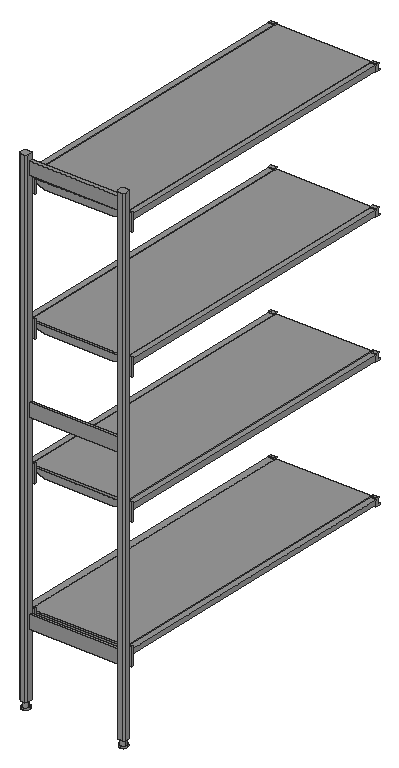
Revit family "QF_ZANUSSI_137054_ACS1094", category Attrezzature speciali, Revit 2020
Family settings
  Quota connettore circolare = Usa diametro
  Tipo di parte = Normale
  Basato su piano di lavoro = No
  Sempre verticale = Sì
  Taglio con vuoti quando caricato = No
  Condiviso = No
  Punto di calcolo locali = No
Parameters (values of type "Standard")
  Weight = 17.00 kg
  Watts = 0 W
  Volts = 0 V
  URL Manufacturer = "http://www.zanussiprofessional.com"
  URL = "http://www.zanussiprofessional.com"
  Steam Supply Size = 0 mm
  Steam Supply Minimum Pressure = 0.0 Pa
  Steam Supply Maximum Pressure = 0.0 Pa
  Steam Consumption per Hour = 0
  Refrigeration Suction Line Size = 0.0 mm
  Refrigeration Liquid Line Size = 0.0 mm
  Refrigerant Compressor Remote = yes
  Prospetto di default = 0.0 mm
  Phase = 0
  Modello = "ACS1094"
  Produttore = "Zanussi"
  Length Actual = 1098.0 mm  # constant formula
  Item Number = "137054"
  Hot Water Size = 0 mm
  Height Actual = 1700.0 mm  # constant formula
  HP = "0 HP"
  Gas Size = 0 mm
  Gas KW = 0
  Gas Input Pressure = 0 W
  Direct Waste Size = 0 mm
  Descrizione = "ALUM.CORNER SHELV.-POLY.TIERS-373X1098MM"
  Depth Actual = 373.0 mm  # constant formula
  Cycle = 0 Hz
  Condensate Return Size = 0 mm
  Compressed Air Volume = 0.0 L/s
  Compressed Air Size = 0 mm
  Compressed Air Pressure = 0.0 Pa
  Cold Water Size = 0 mm
  Accessory = yes
Reference planes
  plane 1: z = 0
  plane 2 "Center (F/B)": y = -163.5
  plane 3 "Front": y = -549.5
  plane 4 "Left": x = -217.5
  plane 5 "Right": x = 155.5
  plane 6 "TOP": z = 1700
  plane 7: y = -517.5
  plane 8: y = 544.5
  plane 9 "Center (Left/Right)": x = -31
  plane 10: y = 539.5
  plane 11: x = -186
  plane 12: x = 124
  plane 13 "FEET": z = 25
  plane 14: z = 275
  plane 15: z = 725
  plane 16: z = 1175
  plane 17: z = 1625
  plane 18 "CXLeft": y = -535.5
  plane 19: x = -200
  plane 20 "CYBack": x = -200
  plane 21 "CYFront": x = 138
  plane 22 "Back": y = 548.5
  plane 23 "LEFT_ORIGIN": x = -251.5
  plane 24 "BACK_Origin": y = 921.5
Forms (mm)
  Extrusion 1, solid, material "QF_Aluminum"
    sketch origin (0, -549.5, 0) x (-1, 0, 0) y (0, 0, 1)
      loop
        line (198.5, 1650.994) -> (198.5, 1632.998) -> (217.5, 1632.998) -> (217.5, 1650.994) -> (198.5, 1650.994)
      loop
        line (-136.5, 1650.994) -> (-155.5, 1650.994) -> (-155.5, 1632.998) -> (-136.5, 1632.998) -> (-136.5, 1650.994)
      loop
        line (198.5, 1200.994) -> (198.5, 1182.998) -> (217.5, 1182.998) -> (217.5, 1200.994) -> (198.5, 1200.994)
      loop
        line (-136.5, 1200.994) -> (-155.5, 1200.994) -> (-155.5, 1182.998) -> (-136.5, 1182.998) -> (-136.5, 1200.994)
      loop
        line (198.5, 750.994) -> (198.5, 732.998) -> (217.5, 732.998) -> (217.5, 750.994) -> (198.5, 750.994)
      loop
        line (-136.5, 750.994) -> (-155.5, 750.994) -> (-155.5, 732.998) -> (-136.5, 732.998) -> (-136.5, 750.994)
      loop
        line (198.5, 300.994) -> (198.5, 282.998) -> (217.5, 282.998) -> (217.5, 300.994) -> (198.5, 300.994)
      loop
        line (-136.5, 300.994) -> (-155.5, 300.994) -> (-155.5, 282.998) -> (-136.5, 282.998) -> (-136.5, 300.994)
    from 32 to 1094
  Extrusion 2, solid, material "QF_Polyethylene"
    sketch origin (0, -549.5, 0) x (-1, 0, 0) y (0, 0, 1)
      loop
        line (196.507, 1650.994) -> (-134.5, 1650.994) -> (-134.5, 1644.496) -> (196.507, 1644.496) -> (196.507, 1650.994)
      loop
        line (196.507, 1200.994) -> (-134.5, 1200.994) -> (-134.5, 1194.496) -> (196.507, 1194.496) -> (196.507, 1200.994)
      loop
        line (196.507, 750.994) -> (-134.5, 750.994) -> (-134.5, 744.496) -> (196.507, 744.496) -> (196.507, 750.994)
      loop
        line (196.507, 300.994) -> (-134.5, 300.994) -> (-134.5, 294.496) -> (196.507, 294.496) -> (196.507, 300.994)
    from 32 to 1094
Lines and regions (mm)
  symbolic lines
    curve 1: line (-198.5, 544.5, 1700) -> (-198.5, -517.5, 1700)
    curve 2: line (-217.5, -521.5, 1700) -> (-217.5, 544.5, 1700)
    curve 3: line (155.5, -521.5, 1700) -> (155.5, 544.5, 1700)
    curve 4: line (-181.507, -517.5, 1700) -> (119.507, -517.5, 1700)
    curve 5: line (136.5, -517.5, 1700) -> (136.5, 544.5, 1700)
    curve 6: line (-198.5, 544.5, 1700) -> (136.5, 544.5, 1700)
Dimensions and locks
  plane 3 "Front" to plane 2 "Center (F/B)" = 386.0 mm
  locked: plane 6 "TOP" to level at 1700
  locked: plane 4 "Left" to plane 5 "Right" at 373
  locked: plane 7 to plane 8 at 1062
  locked: plane 3 "Front" to plane 7 at 32
  plane 10 to plane 8 = 5.0 mm
  locked: plane 11 to plane 12 at 310
  equal spacing: plane 11, plane 9 "Center (Left/Right)", plane 12
  equal spacing: plane 4 "Left", plane 9 "Center (Left/Right)", plane 5 "Right"
  plane 13 "FEET" to level = 25.0 mm
  plane 6 "TOP" to plane 13 "FEET" = 1675.0 mm
  plane 14 to plane 13 "FEET" = 250.0 mm
  plane 15 to plane 14 = 450.0 mm
  plane 16 to plane 15 = 450.0 mm
  plane 17 to plane 16 = 450.0 mm
  locked: plane 3 "Front" to plane 18 "CXLeft" at 14
  locked: plane 3 "Front" to plane 22 "Back" at 1098
  plane 23 "LEFT_ORIGIN" to plane 5 "Right" = 407.0 mm
  locked: plane 22 "Back" to plane 24 "BACK_Origin" at 373
  aligned and locked: level to plane 1
  aligned and locked: Extrusion 2 to plane 7
  aligned and locked: plane 8 to Extrusion 2
  aligned and locked: Extrusion 1 to plane 7
  aligned and locked: plane 8 to Extrusion 1
  aligned and locked: Extrusion 1 sketch curve to Extrusion 1 sketch curve  (x2)
  aligned and locked: nested 1 to plane 18 "CXLeft"
  aligned and locked: nested 2 to plane 10
Automatic sketch dimensions
  curve 2 to plane 4 "Left" = 0.0 mm
  curve 3 to plane 5 "Right" = 0.0 mm
  plane 7 to curve 1 = 0.0 mm
  plane 7 to curve 4 = 0.0 mm
  plane 7 to curve 5 = 0.0 mm
  plane 8 to curve 2 = 0.0 mm
  plane 8 to curve 1 = 0.0 mm
  plane 8 to curve 3 = 0.0 mm
  plane 21 "CYFront" to curve 5 = 1.5 mm
  plane 19 to curve 6 = 1.5 mm
  plane 7 to curve 3 = 4.0 mm
  plane 7 to curve 2 = 4.0 mm
  plane 12 to curve 4 = 4.493 mm
  curve 4 to plane 11 = 4.493 mm
  plane 5 "Right" to Extrusion 1 sketch curve = 0.0 mm  (x4)
  plane 4 "Left" to Extrusion 1 sketch curve = 0.0 mm  (x4)
  plane 21 "CYFront" to Extrusion 1 sketch curve = 1.5 mm  (x2)
  plane 19 to Extrusion 1 sketch curve = 1.5 mm  (x4)
  plane 14 to Extrusion 1 sketch curve = 7.998 mm  (x2)
  Extrusion 1 sketch curve to Extrusion 1 sketch curve = 17.997 mm  (x8)
  plane 15 to Extrusion 1 sketch curve = 7.998 mm  (x2)
  plane 16 to Extrusion 1 sketch curve = 7.998 mm  (x2)
  plane 17 to Extrusion 1 sketch curve = 7.998 mm  (x2)
  plane 21 "CYFront" to Extrusion 2 sketch curve = 3.5 mm  (x4)
  plane 19 to Extrusion 2 sketch curve = 3.493 mm  (x4)
  plane 14 to Extrusion 2 sketch curve = 19.496 mm
  Extrusion 2 sketch curve to Extrusion 2 sketch curve = 6.499 mm  (x4)
  plane 15 to Extrusion 2 sketch curve = 19.496 mm
  plane 16 to Extrusion 2 sketch curve = 19.496 mm
  plane 17 to Extrusion 2 sketch curve = 19.496 mm
Nested families
  nested 1: "WT_Anta373" at (-194.5, -132.5, 0) x (0, 1, 0) z (0, 0, 1), type "WT_Anta373"
  nested 2: "WT_Aggancio373" at (-194.5, 956.5, 0) x (0, 1, 0) z (0, 0, 1), type "WT_Aggancio373"
Definition of nested family "WT_Anta373"
  Parameters
    WidthLeft = A + 64.0 mm  # 772.0 mm
    Width = 1606.0 mm
    Right = WidthLeft / 2  # 386.0 mm
    Default Elevation = 0.0 mm
    Left = -WidthLeft / 2  # -386.0 mm
    Height = 1725.0 mm
    FEET = 25.0 mm
    E = 0.0 mm
    Dint = Depth - 63.0 mm  # 310.0 mm
    Dext = Depth - 8.0 mm  # 365.0 mm
    Depth = 373.0 mm
    DX = (WidthLeft - A) / 2  # 32.0 mm
    B = 798.0 mm
    A = 708.0 mm
  Reference planes
    plane 1: z = 0
    plane 2 "LEFT": x = -417
    plane 3 "BACK": y = 23
    plane 4 "FRONT": y = -350
    plane 5 "TOP": z = 1725
    plane 6 "Center (Front/Back)": y = -163.5
    plane 7: y = -8.5
    plane 8: y = -318.5
    plane 9 "FEET": z = 25
    plane 10: z = 275
    plane 11: z = 725
    plane 12: z = 1175
    plane 13: z = 1625
    plane 14 "CXLeft": x = -403
    plane 15: y = 5.5
    plane 16 "CYBack": y = 5.5
    plane 17 "CYFront": y = -332.5
    plane 18: x = -385.031
    plane 19: x = -380.031
  Forms (mm)
    Extrusion 1, solid
      sketch origin (0, 0, 0) x (1, 0, 0) y (0, 1, 0)
        loop
          line (-417, 13.246) -> (-417, -2.246) -> (-410.746, -8.5) -> (-395.254, -8.5) -> (-389, -2.246) -> (-389, 13.246) -> (-395.254, 19.5) -> (-410.746, 19.5) -> (-417, 13.246)
      from 1725 to 25
    Extrusion 2, solid
      sketch origin (-417, 0, 0) x (0, 1, 0) y (0, 0, 1)
        loop
          line (23, 246.005) -> (23, 307.993) -> (-12.993, 307.993) -> (-12.993, 246.005) -> (23, 246.005)
        loop
          line (-350, 246.005) -> (-314.007, 246.005) -> (-314.007, 307.993) -> (-350, 307.993) -> (-350, 246.005)
        loop
          line (23, 696.005) -> (23, 757.993) -> (-12.993, 757.993) -> (-12.993, 696.005) -> (23, 696.005)
        loop
          line (-350, 696.005) -> (-314.007, 696.005) -> (-314.007, 757.993) -> (-350, 757.993) -> (-350, 696.005)
        loop
          line (23, 1146.005) -> (23, 1207.993) -> (-12.993, 1207.993) -> (-12.993, 1146.005) -> (23, 1146.005)
        loop
          line (-350, 1146.005) -> (-314.007, 1146.005) -> (-314.007, 1207.993) -> (-350, 1207.993) -> (-350, 1146.005)
        loop
          line (23, 1596.005) -> (23, 1657.993) -> (-12.993, 1657.993) -> (-12.993, 1596.005) -> (23, 1596.005)
        loop
          line (-350, 1596.005) -> (-314.007, 1596.005) -> (-314.007, 1657.993) -> (-350, 1657.993) -> (-350, 1596.005)
      from 28 to 32
    Revolve 3, solid
      sketch origin (-403, 0, 0) x (0, 1, 0) y (0, 0, 1)
        loop
          line (5.5, 25) -> (5.5, 0) -> (19, 0) -> (19, 5) -> (14, 5) -> (14, 25) -> (5.5, 25)
        axis (5.5, 25) -> (5.5, 0)
      angle from 0 to 360
    Extrusion 4, solid
      sketch origin (-403, 0, 0) x (0, 1, 0) y (0, 0, 1)
        loop
          line (-8.5, 912.382) -> (-8.5, 957.374) -> (-318.5, 957.374) -> (-318.5, 912.382) -> (-8.5, 912.382)
        loop
          line (-8.5, 1662.244) -> (-8.5, 1707.236) -> (-318.5, 1707.236) -> (-318.5, 1662.244) -> (-8.5, 1662.244)
      from -5 to 5
    Revolve 5, solid
      sketch origin (-403, -627, 0) x (0, -1, 0) y (0, 0, 1)
        loop
          line (-294.5, 25) -> (-294.5, 0) -> (-281, 0) -> (-281, 5) -> (-286, 5) -> (-286, 25) -> (-294.5, 25)
        axis (-294.5, 25) -> (-294.5, 0)
      angle from 0 to 360
    Extrusion 6, solid
      sketch origin (0, -627, 0) x (1, 0, 0) y (0, 1, 0)
        loop
          line (-417, 286.754) -> (-410.746, 280.5) -> (-395.254, 280.5) -> (-389, 286.754) -> (-389, 302.246) -> (-395.254, 308.5) -> (-410.746, 308.5) -> (-417, 302.246) -> (-417, 286.754)
      from 1725 to 25
    Extrusion 7, solid
      sketch origin (-417.031, -0.022, 0) x (0, 1, 0) y (0, 0, -1)
        loop
          line (-12, -1632.998) -> (-46, -1620.994) -> (-281, -1620.994) -> (-315, -1632.998) -> (-331, -1632.998) -> (-331, -1650.994) -> (-329, -1650.994) -> (-329, -1644.496) -> (2.007, -1644.496) -> (2.007, -1650.994) -> (4, -1650.994) -> (4, -1632.998) -> (-12, -1632.998)
        loop
          line (-12, -1182.998) -> (-46, -1170.994) -> (-281, -1170.994) -> (-315, -1182.998) -> (-331, -1182.998) -> (-331, -1200.994) -> (-329, -1200.994) -> (-329, -1194.496) -> (2.007, -1194.496) -> (2.007, -1200.994) -> (4, -1200.994) -> (4, -1182.998) -> (-12, -1182.998)
        loop
          line (-12, -732.998) -> (-46, -720.994) -> (-281, -720.994) -> (-315, -732.998) -> (-331, -732.998) -> (-331, -750.994) -> (-329, -750.994) -> (-329, -744.496) -> (2.007, -744.496) -> (2.007, -750.994) -> (4, -750.994) -> (4, -732.998) -> (-12, -732.998)
        loop
          line (-12, -282.998) -> (-46, -270.994) -> (-281, -270.994) -> (-315, -282.998) -> (-331, -282.998) -> (-331, -300.994) -> (-329, -300.994) -> (-329, -294.496) -> (2.007, -294.496) -> (2.007, -300.994) -> (4, -300.994) -> (4, -282.998) -> (-12, -282.998)
      from -32 to -37
    Extrusion 8, solid
      sketch origin (-403, 0, -659.878) x (0, 1, 0) y (0, 0, 1)
        loop
          line (-8.5, 912.382) -> (-8.5, 957.374) -> (-318.5, 957.374) -> (-318.5, 912.382) -> (-8.5, 912.382)
        loop
          line (-8.5, 1572.382) -> (-8.5, 1617.374) -> (-318.5, 1617.374) -> (-318.5, 1572.382) -> (-8.5, 1572.382)
        loop
          line (-8.5, 2322.382) -> (-8.5, 2367.374) -> (-318.5, 2367.374) -> (-318.5, 2322.382) -> (-8.5, 2322.382)
      from -5 to 5
  Lines and regions (mm)
    symbolic lines
      curve 1: line (-408, -8.5, 1725) -> (-408, -318.5, 1725)
      curve 2: line (-398, -318.5, 1725) -> (-398, -8.5, 1725)
      curve 3: line (-395.254, -8.5, 1725) -> (-410.746, -8.5, 1725)
      curve 4: line (-417, -2.246, 1725) -> (-410.746, -8.5, 1725)
      curve 5: line (-417, 13.246, 1725) -> (-417, -2.246, 1725)
      curve 6: line (-410.746, 19.5, 1725) -> (-417, 13.246, 1725)
      curve 7: line (-395.254, 19.5, 1725) -> (-410.746, 19.5, 1725)
      curve 8: line (-389, 13.246, 1725) -> (-395.254, 19.5, 1725)
      curve 9: line (-395.254, -8.5, 1725) -> (-389, -2.246, 1725)
      curve 10: line (-395.254, -318.5, 1725) -> (-410.746, -318.5, 1725)
      curve 11: line (-417, -324.754, 1725) -> (-410.746, -318.5, 1725)
      curve 12: line (-410.746, -346.5, 1725) -> (-417, -340.246, 1725)
      curve 13: line (-395.254, -346.5, 1725) -> (-410.746, -346.5, 1725)
      curve 14: line (-389, -340.246, 1725) -> (-395.254, -346.5, 1725)
      curve 15: line (-395.254, -318.5, 1725) -> (-389, -324.754, 1725)
      curve 16: line (-389, -350, 1725) -> (-389, -314.007, 1725)
      curve 17: line (-389, -314.007, 1725) -> (-385, -314.007, 1725)
      curve 18: line (-389, 23, 1725) -> (-389, -12.993, 1725)
      curve 19: line (-389, -12.993, 1725) -> (-385, -12.993, 1725)
      curve 20: line (-417, -324.754, 1725) -> (-417, -340.246, 1725)
      curve 21: line (-385, -350, 1725) -> (-385, -314.007, 1725)
      curve 22: line (-385, -350, 1725) -> (-389, -350, 1725)
      curve 23: line (-385, 23, 1725) -> (-389, 23, 1725)
      curve 24: line (-385, -12.993, 1725) -> (-385, 23, 1725)
      curve 25: line (-385.031, -13.016, 1725) -> (-385.031, -314.029, 1725)
  Dimensions and locks
    "Height": plane 5 "TOP" to level
    "Depth": plane 3 "BACK" to plane 4 "FRONT"
    "Dint": plane 7 to plane 8
    equal spacing: plane 7, plane 6 "Center (Front/Back)", plane 8
    equal spacing: plane 3 "BACK", plane 6 "Center (Front/Back)", plane 4 "FRONT"
    plane 9 "FEET" to level = 25.0 mm
    plane 5 "TOP" to plane 9 "FEET" = 1700.0 mm
    plane 10 to plane 9 "FEET" = 250.0 mm
    plane 11 to plane 10 = 450.0 mm
    plane 12 to plane 11 = 450.0 mm
    plane 13 to plane 12 = 450.0 mm
    locked: plane 2 "LEFT" to plane 14 "CXLeft" at 14
    locked: plane 3 "BACK" to plane 16 "CYBack" at 17.5
    locked: plane 17 "CYFront" to plane 4 "FRONT" at 17.5
    locked: Revolve 3 sketch curve to Revolve 3 sketch curve at 8.5
    locked: Revolve 3 sketch curve to plane 16 "CYBack" at 13.5
    locked: Revolve 5 sketch curve to Revolve 5 sketch curve at 8.5
    aligned and locked: level to plane 1
    aligned and locked: curve 20 to Extrusion 6
    aligned and locked: plane 5 "TOP" to Extrusion 1
    aligned and locked: plane 5 "TOP" to Extrusion 6
    aligned and locked: Extrusion 7 sketch curve to Extrusion 7 sketch curve  (x3)
  Automatic sketch dimensions
    curve 16 to plane 4 "FRONT" = 0.0 mm
    curve 11 to plane 8 = 0.0 mm
    curve 9 to plane 7 = 0.0 mm
    curve 5 to plane 2 "LEFT" = 0.0 mm
    curve 23 to plane 3 "BACK" = 0.0 mm
    plane 4 "FRONT" to curve 13 = 3.5 mm
    curve 20 to plane 17 "CYFront" = 7.746 mm
    curve 20 to plane 8 = 6.254 mm
    plane 8 to curve 16 = 4.493 mm
    curve 24 to plane 18 = 0.031 mm
    curve 24 to plane 7 = 4.493 mm
    plane 7 to curve 5 = 6.254 mm
    curve 5 to plane 15 = 7.746 mm
    curve 6 to plane 3 "BACK" = 3.5 mm
    curve 21 to plane 18 = 0.031 mm
    plane 18 to curve 23 = 3.969 mm
    plane 18 to curve 16 = 3.969 mm
    curve 18 to curve 8 = 6.254 mm
    curve 18 to curve 3 = 6.254 mm
    curve 16 to curve 13 = 6.254 mm
    curve 16 to curve 15 = 6.254 mm
    plane 2 "LEFT" to curve 10 = 6.254 mm
    plane 2 "LEFT" to curve 7 = 6.254 mm
    plane 2 "LEFT" to curve 12 = 6.254 mm
    plane 2 "LEFT" to curve 3 = 6.254 mm
    curve 14 to plane 17 "CYFront" = 7.746 mm
    curve 15 to plane 8 = 6.254 mm
    plane 7 to curve 9 = 6.254 mm
    curve 8 to plane 15 = 7.746 mm
    curve 3 to curve 2 = 2.746 mm
    curve 1 to curve 10 = 2.746 mm
    Extrusion 1 sketch curve to plane 2 "LEFT" = 0.0 mm
    Extrusion 1 sketch curve to plane 7 = 0.0 mm
    plane 2 "LEFT" to Extrusion 1 sketch curve = 6.254 mm  (x2)
    plane 14 "CXLeft" to Extrusion 1 sketch curve = 7.746 mm  (x2)
    Extrusion 1 sketch curve to plane 3 "BACK" = 3.5 mm
    plane 18 to Extrusion 1 sketch curve = 3.969 mm
    plane 7 to Extrusion 1 sketch curve = 6.254 mm  (x2)
    Extrusion 1 sketch curve to plane 15 = 7.746 mm  (x2)
    Extrusion 2 sketch curve to plane 4 "FRONT" = 0.0 mm  (x4)
    Extrusion 2 sketch curve to plane 3 "BACK" = 0.0 mm  (x4)
    plane 8 to Extrusion 2 sketch curve = 4.493 mm  (x4)
    Extrusion 2 sketch curve to plane 7 = 4.493 mm  (x4)
    Extrusion 2 sketch curve to plane 10 = 28.995 mm  (x2)
    plane 10 to Extrusion 2 sketch curve = 32.993 mm  (x2)
    Extrusion 2 sketch curve to plane 11 = 28.995 mm  (x2)
    plane 11 to Extrusion 2 sketch curve = 32.993 mm  (x2)
    Extrusion 2 sketch curve to plane 12 = 28.995 mm  (x2)
    plane 12 to Extrusion 2 sketch curve = 32.993 mm  (x2)
    Extrusion 2 sketch curve to plane 13 = 28.995 mm  (x2)
    plane 13 to Extrusion 2 sketch curve = 32.993 mm  (x2)
    Revolve 3 sketch curve to plane 9 "FEET" = 0.0 mm  (x2)
    Revolve 3 sketch curve to plane 15 = 0.0 mm  (x2)
    Revolve 3 sketch curve to level = 0.0 mm
    level to Revolve 3 sketch curve = 5.0 mm
    Revolve 3 sketch curve to Revolve 3 sketch curve = 11.655 mm
    Extrusion 4 sketch curve to plane 8 = 0.0 mm  (x2)
    Extrusion 4 sketch curve to plane 7 = 0.0 mm  (x2)
    plane 11 to Extrusion 4 sketch curve = 187.382 mm
    Extrusion 4 sketch curve to Extrusion 4 sketch curve = 44.992 mm
    plane 13 to Extrusion 4 sketch curve = 37.244 mm
    Extrusion 4 sketch curve to plane 5 "TOP" = 17.764 mm
    Revolve 5 sketch curve to plane 9 "FEET" = 0.0 mm  (x2)
    Revolve 5 sketch curve to plane 17 "CYFront" = 0.0 mm  (x2)
    Revolve 5 sketch curve to level = 0.0 mm
    Revolve 5 sketch curve to plane 4 "FRONT" = 4.0 mm
    Revolve 5 sketch curve to Revolve 5 sketch curve = 5.0 mm
    level to Revolve 5 sketch curve = 11.655 mm
    Extrusion 6 sketch curve to plane 2 "LEFT" = 0.0 mm
    Extrusion 6 sketch curve to plane 8 = 0.0 mm
    Extrusion 6 sketch curve to plane 2 "LEFT" = 6.254 mm  (x2)
    Extrusion 6 sketch curve to plane 14 "CXLeft" = 7.746 mm  (x2)
    Extrusion 6 sketch curve to plane 4 "FRONT" = 3.5 mm
    Extrusion 6 sketch curve to plane 18 = 3.969 mm
    plane 8 to Extrusion 6 sketch curve = 6.254 mm  (x2)
    plane 17 "CYFront" to Extrusion 6 sketch curve = 7.746 mm  (x2)
    plane 17 "CYFront" to Extrusion 7 sketch curve = 1.478 mm  (x4)
    Extrusion 7 sketch curve to Extrusion 7 sketch curve = 2.0 mm
    plane 8 to Extrusion 7 sketch curve = 3.478 mm  (x4)
    Extrusion 7 sketch curve to plane 10 = 4.006 mm
    Extrusion 7 sketch curve to Extrusion 7 sketch curve = 34.0 mm  (x4)
    Extrusion 7 sketch curve to plane 11 = 4.006 mm
    Extrusion 7 sketch curve to plane 12 = 4.006 mm
    Extrusion 7 sketch curve to plane 13 = 4.006 mm
    Extrusion 7 sketch curve to plane 7 = 37.522 mm  (x4)
    Extrusion 7 sketch curve to plane 7 = 3.522 mm  (x4)
    plane 15 to Extrusion 7 sketch curve = 3.516 mm  (x4)
    plane 15 to Extrusion 7 sketch curve = 1.522 mm  (x4)
    plane 13 to Extrusion 7 sketch curve = 7.998 mm  (x2)
    Extrusion 7 sketch curve to Extrusion 7 sketch curve = 11.498 mm
    Extrusion 7 sketch curve to Extrusion 7 sketch curve = 6.499 mm  (x5)
    plane 12 to Extrusion 7 sketch curve = 25.994 mm  (x2)
    plane 12 to Extrusion 7 sketch curve = 7.998 mm  (x2)
    plane 11 to Extrusion 7 sketch curve = 25.994 mm  (x2)
    plane 11 to Extrusion 7 sketch curve = 7.998 mm  (x2)
    plane 10 to Extrusion 7 sketch curve = 25.994 mm  (x2)
    plane 10 to Extrusion 7 sketch curve = 7.998 mm  (x2)
    curve 25 to plane 18 = 0.0 mm
    plane 8 to curve 25 = 4.471 mm
    curve 25 to plane 7 = 4.516 mm
    Extrusion 8 sketch curve to plane 8 = 0.0 mm  (x3)
    Extrusion 8 sketch curve to plane 7 = 0.0 mm  (x3)
    Extrusion 8 sketch curve to plane 10 = 22.496 mm
    plane 10 to Extrusion 8 sketch curve = 22.496 mm
    plane 11 to Extrusion 8 sketch curve = 187.504 mm
    Extrusion 8 sketch curve to Extrusion 8 sketch curve = 44.992 mm
    plane 13 to Extrusion 8 sketch curve = 37.504 mm
    Extrusion 8 sketch curve to plane 5 "TOP" = 17.504 mm
Definition of nested family "WT_Aggancio373"
  Parameters
    WidthLeft = A + 64.0 mm  # 772.0 mm
    Width = 1606.0 mm
    Right = WidthLeft / 2  # 386.0 mm
    Default Elevation = 0.0 mm
    Left = -WidthLeft / 2  # -386.0 mm
    Height = 1725.0 mm
    FEET = 25.0 mm
    E = 0.0 mm
    Dint = Depth - 63.0 mm  # 310.0 mm
    Dext = Depth - 8.0 mm  # 365.0 mm
    Depth = 373.0 mm
    DX = (WidthLeft - A) / 2  # 32.0 mm
    B = 798.0 mm
    A = 708.0 mm
  Reference planes
    plane 1: z = 0
    plane 2 "LEFT": x = -417
    plane 3 "BACK": y = 23
    plane 4 "FRONT": y = -350
    plane 5 "TOP": z = 1725
    plane 6 "Center (Front/Back)": y = -163.5
    plane 7: y = -8.5
    plane 8: y = -318.5
    plane 9 "FEET": z = 25
    plane 10: z = 275
    plane 11: z = 725
    plane 12: z = 1175
    plane 13: z = 1625
    plane 14: y = 5.5
    plane 15 "CYBack": y = 5.5
    plane 16 "CYFront": y = -332.5
  Forms (mm)
    Extrusion 1, solid
      sketch origin (-380, -0.022, 0) x (0, 1, 0) y (0, 0, 1)
        loop
          line (-12, 1632.998) -> (4, 1632.998) -> (4, 1650.994) -> (2.007, 1650.994) -> (2.007, 1644.496) -> (-329, 1644.496) -> (-329, 1650.994) -> (-331, 1650.994) -> (-331, 1632.998) -> (-315, 1632.998) -> (-281, 1620.994) -> (-46, 1620.994) -> (-12, 1632.998)
        loop
          line (-12, 1182.998) -> (4, 1182.998) -> (4, 1200.994) -> (2.007, 1200.994) -> (2.007, 1194.496) -> (-329, 1194.496) -> (-329, 1200.994) -> (-331, 1200.994) -> (-331, 1182.998) -> (-315, 1182.998) -> (-281, 1170.994) -> (-46, 1170.994) -> (-12, 1182.998)
        loop
          line (-12, 732.998) -> (4, 732.998) -> (4, 750.994) -> (2.007, 750.994) -> (2.007, 744.496) -> (-329, 744.496) -> (-329, 750.994) -> (-331, 750.994) -> (-331, 732.998) -> (-315, 732.998) -> (-281, 720.994) -> (-46, 720.994) -> (-12, 732.998)
        loop
          line (-12, 282.998) -> (4, 282.998) -> (4, 300.994) -> (2.007, 300.994) -> (2.007, 294.496) -> (-329, 294.496) -> (-329, 300.994) -> (-331, 300.994) -> (-331, 282.998) -> (-315, 282.998) -> (-281, 270.994) -> (-46, 270.994) -> (-12, 282.998)
      from -32 to -37
    Extrusion 2, solid
      sketch origin (-793.062, -324.754, 6.5) x (1, 0, 0) y (0, 0, 1)
        loop
          line (385.062, 1644.496) -> (385.062, 1647.496) -> (376.062, 1647.496) -> (376.062, 1620.994) -> (390.031, 1620.994) -> (390.031, 1626.496) -> (381.062, 1626.496) -> (381.062, 1644.496) -> (385.062, 1644.496)
        loop
          line (385.062, 1194.496) -> (385.062, 1197.496) -> (376.062, 1197.496) -> (376.062, 1170.994) -> (390.031, 1170.994) -> (390.031, 1176.496) -> (381.062, 1176.496) -> (381.062, 1194.496) -> (385.062, 1194.496)
        loop
          line (385.062, 744.496) -> (385.062, 747.496) -> (376.062, 747.496) -> (376.062, 720.994) -> (390.031, 720.994) -> (390.031, 726.496) -> (381.062, 726.496) -> (381.062, 744.496) -> (385.062, 744.496)
        loop
          line (385.062, 294.496) -> (385.062, 297.496) -> (376.062, 297.496) -> (376.062, 270.994) -> (390.031, 270.994) -> (390.031, 276.496) -> (381.062, 276.496) -> (381.062, 294.496) -> (385.062, 294.496)
      from 6.268 to 25.246
    Extrusion 3, solid
      sketch origin (-793.062, 32.754, 6.5) x (1, 0, 0) y (0, 0, 1)
        loop
          line (385.062, 1644.496) -> (385.062, 1647.496) -> (376.062, 1647.496) -> (376.062, 1620.994) -> (390.031, 1620.994) -> (390.031, 1626.496) -> (381.062, 1626.496) -> (381.062, 1644.496) -> (385.062, 1644.496)
        loop
          line (385.062, 1194.496) -> (385.062, 1197.496) -> (376.062, 1197.496) -> (376.062, 1170.994) -> (390.031, 1170.994) -> (390.031, 1176.496) -> (381.062, 1176.496) -> (381.062, 1194.496) -> (385.062, 1194.496)
        loop
          line (385.062, 744.496) -> (385.062, 747.496) -> (376.062, 747.496) -> (376.062, 720.994) -> (390.031, 720.994) -> (390.031, 726.496) -> (381.062, 726.496) -> (381.062, 744.496) -> (385.062, 744.496)
        loop
          line (385.062, 294.496) -> (385.062, 297.496) -> (376.062, 297.496) -> (376.062, 270.994) -> (390.031, 270.994) -> (390.031, 276.496) -> (381.062, 276.496) -> (381.062, 294.496) -> (385.062, 294.496)
      from 9.754 to 28.776
  Lines and regions (mm)
    symbolic lines
      curve 1: line (-412, -350, 0) -> (-408, -350, 0)
      curve 2: line (-412, -331.022, 0) -> (-412, -350, 0)
      curve 3: line (-408, -331.022, 0) -> (-412, -331.022, 0)
      curve 4: line (-408, -350, 0) -> (-408, -331.022, 0)
      curve 5: line (-412, 3.978, 0) -> (-408, 3.978, 0)
      curve 6: line (-412, 23, 0) -> (-412, 3.978, 0)
      curve 7: line (-408, 23, 0) -> (-412, 23, 0)
      curve 8: line (-408, 3.978, 0) -> (-408, 23, 0)
  Dimensions and locks
    "Height": plane 5 "TOP" to level
    "Depth": plane 3 "BACK" to plane 4 "FRONT"
    "Dint": plane 7 to plane 8
    equal spacing: plane 7, plane 6 "Center (Front/Back)", plane 8
    equal spacing: plane 3 "BACK", plane 6 "Center (Front/Back)", plane 4 "FRONT"
    plane 9 "FEET" to level = 25.0 mm
    plane 5 "TOP" to plane 9 "FEET" = 1700.0 mm
    plane 10 to plane 9 "FEET" = 250.0 mm
    plane 11 to plane 10 = 450.0 mm
    plane 12 to plane 11 = 450.0 mm
    plane 13 to plane 12 = 450.0 mm
    locked: plane 3 "BACK" to plane 15 "CYBack" at 17.5
    locked: plane 16 "CYFront" to plane 4 "FRONT" at 17.5
    aligned and locked: level to plane 1
    aligned and locked: Extrusion 1 sketch curve to Extrusion 1 sketch curve  (x3)
  Automatic sketch dimensions
    plane 16 "CYFront" to Extrusion 1 sketch curve = 1.478 mm  (x4)
    Extrusion 1 sketch curve to Extrusion 1 sketch curve = 2.0 mm
    plane 8 to Extrusion 1 sketch curve = 3.478 mm  (x4)
    Extrusion 1 sketch curve to plane 10 = 4.006 mm
    Extrusion 1 sketch curve to Extrusion 1 sketch curve = 34.0 mm  (x4)
    Extrusion 1 sketch curve to plane 11 = 4.006 mm
    Extrusion 1 sketch curve to plane 12 = 4.006 mm
    Extrusion 1 sketch curve to plane 13 = 4.006 mm
    Extrusion 1 sketch curve to plane 7 = 37.522 mm  (x4)
    Extrusion 1 sketch curve to plane 7 = 3.522 mm  (x4)
    plane 14 to Extrusion 1 sketch curve = 3.516 mm  (x4)
    plane 14 to Extrusion 1 sketch curve = 1.522 mm  (x4)
    plane 10 to Extrusion 1 sketch curve = 7.998 mm  (x2)
    Extrusion 1 sketch curve to Extrusion 1 sketch curve = 11.498 mm  (x4)
    Extrusion 1 sketch curve to Extrusion 1 sketch curve = 6.499 mm  (x8)
    plane 11 to Extrusion 1 sketch curve = 7.998 mm  (x2)
    plane 12 to Extrusion 1 sketch curve = 7.998 mm  (x2)
    plane 13 to Extrusion 1 sketch curve = 7.998 mm  (x2)
    plane 2 "LEFT" to Extrusion 2 sketch curve = 0.0 mm  (x4)
    plane 13 to Extrusion 2 sketch curve = 7.996 mm
    plane 11 to Extrusion 2 sketch curve = 7.996 mm
    Extrusion 2 sketch curve to Extrusion 2 sketch curve = 5.0 mm  (x4)
    plane 11 to Extrusion 2 sketch curve = 2.494 mm
    plane 10 to Extrusion 2 sketch curve = 28.996 mm
    Extrusion 2 sketch curve to Extrusion 2 sketch curve = 3.0 mm  (x4)
    plane 10 to Extrusion 2 sketch curve = 7.996 mm
    plane 10 to Extrusion 2 sketch curve = 2.494 mm
    Extrusion 2 sketch curve to Extrusion 2 sketch curve = 18.0 mm  (x3)
    plane 12 to Extrusion 2 sketch curve = 2.494 mm
    plane 12 to Extrusion 2 sketch curve = 7.996 mm
    plane 13 to Extrusion 2 sketch curve = 2.494 mm
    plane 2 "LEFT" to Extrusion 3 sketch curve = 0.0 mm  (x4)
    plane 13 to Extrusion 3 sketch curve = 7.996 mm
    plane 11 to Extrusion 3 sketch curve = 7.996 mm
    Extrusion 3 sketch curve to Extrusion 3 sketch curve = 5.0 mm  (x4)
    plane 11 to Extrusion 3 sketch curve = 2.494 mm
    plane 10 to Extrusion 3 sketch curve = 28.996 mm
    Extrusion 3 sketch curve to Extrusion 3 sketch curve = 3.0 mm  (x4)
    plane 10 to Extrusion 3 sketch curve = 7.996 mm
    plane 10 to Extrusion 3 sketch curve = 2.494 mm
    Extrusion 3 sketch curve to Extrusion 3 sketch curve = 18.0 mm  (x3)
    plane 12 to Extrusion 3 sketch curve = 2.494 mm
    plane 12 to Extrusion 3 sketch curve = 7.996 mm
    plane 13 to Extrusion 3 sketch curve = 2.494 mm
    plane 2 "LEFT" to curve 1 = 5.0 mm
    plane 2 "LEFT" to curve 7 = 5.0 mm
    curve 1 to plane 16 "CYFront" = 17.5 mm
    curve 3 to plane 8 = 12.522 mm
    plane 7 to curve 5 = 12.478 mm
    curve 7 to plane 14 = 17.5 mm
    curve 5 to curve 5 = 4.0 mm
    curve 1 to curve 4 = 4.0 mm
    Extrusion 2 sketch curve to Extrusion 2 sketch curve = 4.0 mm  (x4)
    Extrusion 2 sketch curve to Extrusion 2 sketch curve = 8.969 mm  (x4)
    Extrusion 3 sketch curve to Extrusion 3 sketch curve = 4.0 mm  (x4)
    Extrusion 3 sketch curve to Extrusion 3 sketch curve = 8.969 mm  (x4)
